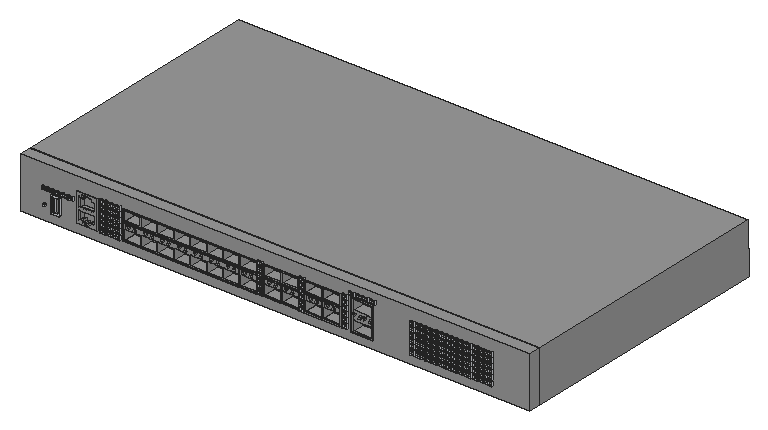
Revit family "19 Zoll Switch MS400995M", category Datengeräte, Revit 2023 (continued)
Forms (mm)
  Extrusion 149, solid
    sketch origin (121.644, 273.077, -255.382) x (1, 0, 0) y (0, 0, 1)
      loop
        line (65.933, 266.376) -> (65.933, 263.535) -> (68.946, 263.535) -> (68.946, 266.376) -> (65.933, 266.376)
    from 150.84 to 151.64
  Extrusion 150, solid
    sketch origin (125.618, 273.077, -255.382) x (1, 0, 0) y (0, 0, 1)
      loop
        line (65.586, 266.76) -> (65.586, 263.134) -> (69.459, 263.134) -> (69.459, 266.76) -> (65.586, 266.76)
      loop
        line (65.933, 266.376) -> (65.933, 263.535) -> (68.946, 263.535) -> (68.946, 266.376) -> (65.933, 266.376)
    from 150.84 to 151.64
  Extrusion 151, solid
    sketch origin (-209.128, 273.077, -232.671) x (1, 0, 0) y (0, 0, 1)
      loop
        line (65.586, 266.76) -> (65.586, 263.134) -> (69.459, 263.134) -> (69.459, 266.76) -> (65.586, 266.76)
      loop
        line (65.933, 266.376) -> (65.933, 263.535) -> (68.946, 263.535) -> (68.946, 266.376) -> (65.933, 266.376)
    from 150.84 to 151.64
  Extrusion 152, solid
    sketch origin (-204.128, 273.077, -232.671) x (1, 0, 0) y (0, 0, 1)
      loop
        line (65.586, 266.76) -> (65.586, 263.134) -> (69.459, 263.134) -> (69.459, 266.76) -> (65.586, 266.76)
      loop
        line (65.933, 266.376) -> (65.933, 263.535) -> (68.946, 263.535) -> (68.946, 266.376) -> (65.933, 266.376)
    from 150.84 to 151.64
  Extrusion 153, solid
    sketch origin (-199.907, 273.077, -232.671) x (1, 0, 0) y (0, 0, 1)
      loop
        line (65.586, 266.76) -> (65.586, 263.134) -> (69.459, 263.134) -> (69.459, 266.76) -> (65.586, 266.76)
      loop
        line (65.933, 266.376) -> (65.933, 263.535) -> (68.946, 263.535) -> (68.946, 266.376) -> (65.933, 266.376)
    from 150.84 to 151.64
  Extrusion 154, solid
    sketch origin (-195.932, 273.077, -232.671) x (1, 0, 0) y (0, 0, 1)
      loop
        line (65.586, 266.76) -> (65.586, 263.134) -> (69.459, 263.134) -> (69.459, 266.76) -> (65.586, 266.76)
      loop
        line (65.933, 266.376) -> (65.933, 263.535) -> (68.946, 263.535) -> (68.946, 266.376) -> (65.933, 266.376)
    from 150.84 to 151.64
  Extrusion 155, solid
    sketch origin (-209.128, 273.077, -236.967) x (1, 0, 0) y (0, 0, 1)
      loop
        line (65.586, 266.76) -> (65.586, 263.134) -> (69.459, 263.134) -> (69.459, 266.76) -> (65.586, 266.76)
      loop
        line (65.933, 266.376) -> (65.933, 263.535) -> (68.946, 263.535) -> (68.946, 266.376) -> (65.933, 266.376)
    from 150.84 to 151.64
  Extrusion 156, solid
    sketch origin (-204.128, 273.077, -236.967) x (1, 0, 0) y (0, 0, 1)
      loop
        line (65.586, 266.76) -> (65.586, 263.134) -> (69.459, 263.134) -> (69.459, 266.76) -> (65.586, 266.76)
      loop
        line (65.933, 266.376) -> (65.933, 263.535) -> (68.946, 263.535) -> (68.946, 266.376) -> (65.933, 266.376)
    from 150.84 to 151.64
  Extrusion 157, solid
    sketch origin (-199.907, 273.077, -236.967) x (1, 0, 0) y (0, 0, 1)
      loop
        line (65.586, 266.76) -> (65.586, 263.134) -> (69.459, 263.134) -> (69.459, 266.76) -> (65.586, 266.76)
      loop
        line (65.933, 266.376) -> (65.933, 263.535) -> (68.946, 263.535) -> (68.946, 266.376) -> (65.933, 266.376)
    from 150.84 to 151.64
  Extrusion 158, solid
    sketch origin (-195.932, 273.077, -236.967) x (1, 0, 0) y (0, 0, 1)
      loop
        line (65.586, 266.76) -> (65.586, 263.134) -> (69.459, 263.134) -> (69.459, 266.76) -> (65.586, 266.76)
      loop
        line (65.933, 266.376) -> (65.933, 263.535) -> (68.946, 263.535) -> (68.946, 266.376) -> (65.933, 266.376)
    from 150.84 to 151.64
  Extrusion 159, solid
    sketch origin (-209.128, 273.077, -241.967) x (1, 0, 0) y (0, 0, 1)
      loop
        line (65.586, 266.76) -> (65.586, 263.134) -> (69.459, 263.134) -> (69.459, 266.76) -> (65.586, 266.76)
      loop
        line (65.933, 266.376) -> (65.933, 263.535) -> (68.946, 263.535) -> (68.946, 266.376) -> (65.933, 266.376)
    from 150.84 to 151.64
  Extrusion 160, solid
    sketch origin (-204.128, 273.077, -241.967) x (1, 0, 0) y (0, 0, 1)
      loop
        line (65.586, 266.76) -> (65.586, 263.134) -> (69.459, 263.134) -> (69.459, 266.76) -> (65.586, 266.76)
      loop
        line (65.933, 266.376) -> (65.933, 263.535) -> (68.946, 263.535) -> (68.946, 266.376) -> (65.933, 266.376)
    from 150.84 to 151.64
  Extrusion 161, solid
    sketch origin (-199.907, 273.077, -241.967) x (1, 0, 0) y (0, 0, 1)
      loop
        line (65.586, 266.76) -> (65.586, 263.134) -> (69.459, 263.134) -> (69.459, 266.76) -> (65.586, 266.76)
      loop
        line (65.933, 266.376) -> (65.933, 263.535) -> (68.946, 263.535) -> (68.946, 266.376) -> (65.933, 266.376)
    from 150.84 to 151.64
  Extrusion 162, solid
    sketch origin (-195.932, 273.077, -241.967) x (1, 0, 0) y (0, 0, 1)
      loop
        line (65.586, 266.76) -> (65.586, 263.134) -> (69.459, 263.134) -> (69.459, 266.76) -> (65.586, 266.76)
      loop
        line (65.933, 266.376) -> (65.933, 263.535) -> (68.946, 263.535) -> (68.946, 266.376) -> (65.933, 266.376)
    from 150.84 to 151.64
  Extrusion 163, solid
    sketch origin (-209.128, 273.077, -246.109) x (1, 0, 0) y (0, 0, 1)
      loop
        line (65.586, 266.76) -> (65.586, 263.134) -> (69.459, 263.134) -> (69.459, 266.76) -> (65.586, 266.76)
      loop
        line (65.933, 266.376) -> (65.933, 263.535) -> (68.946, 263.535) -> (68.946, 266.376) -> (65.933, 266.376)
    from 150.84 to 151.64
  Extrusion 164, solid
    sketch origin (-204.128, 273.077, -246.109) x (1, 0, 0) y (0, 0, 1)
      loop
        line (65.586, 266.76) -> (65.586, 263.134) -> (69.459, 263.134) -> (69.459, 266.76) -> (65.586, 266.76)
      loop
        line (65.933, 266.376) -> (65.933, 263.535) -> (68.946, 263.535) -> (68.946, 266.376) -> (65.933, 266.376)
    from 150.84 to 151.64
  Extrusion 165, solid
    sketch origin (-199.907, 273.077, -246.109) x (1, 0, 0) y (0, 0, 1)
      loop
        line (65.586, 266.76) -> (65.586, 263.134) -> (69.459, 263.134) -> (69.459, 266.76) -> (65.586, 266.76)
      loop
        line (65.933, 266.376) -> (65.933, 263.535) -> (68.946, 263.535) -> (68.946, 266.376) -> (65.933, 266.376)
    from 150.84 to 151.64
  Extrusion 166, solid
    sketch origin (-195.932, 273.077, -246.109) x (1, 0, 0) y (0, 0, 1)
      loop
        line (65.586, 266.76) -> (65.586, 263.134) -> (69.459, 263.134) -> (69.459, 266.76) -> (65.586, 266.76)
      loop
        line (65.933, 266.376) -> (65.933, 263.535) -> (68.946, 263.535) -> (68.946, 266.376) -> (65.933, 266.376)
    from 150.84 to 151.64
  Extrusion 167, solid
    sketch origin (-209.128, 273.077, -250.382) x (1, 0, 0) y (0, 0, 1)
      loop
        line (65.586, 266.76) -> (65.586, 263.134) -> (69.459, 263.134) -> (69.459, 266.76) -> (65.586, 266.76)
      loop
        line (65.933, 266.376) -> (65.933, 263.535) -> (68.946, 263.535) -> (68.946, 266.376) -> (65.933, 266.376)
    from 150.84 to 151.64
  Extrusion 168, solid
    sketch origin (-204.128, 273.077, -250.382) x (1, 0, 0) y (0, 0, 1)
      loop
        line (65.586, 266.76) -> (65.586, 263.134) -> (69.459, 263.134) -> (69.459, 266.76) -> (65.586, 266.76)
      loop
        line (65.933, 266.376) -> (65.933, 263.535) -> (68.946, 263.535) -> (68.946, 266.376) -> (65.933, 266.376)
    from 150.84 to 151.64
  Extrusion 169, solid
    sketch origin (-199.907, 273.077, -250.382) x (1, 0, 0) y (0, 0, 1)
      loop
        line (65.586, 266.76) -> (65.586, 263.134) -> (69.459, 263.134) -> (69.459, 266.76) -> (65.586, 266.76)
      loop
        line (65.933, 266.376) -> (65.933, 263.535) -> (68.946, 263.535) -> (68.946, 266.376) -> (65.933, 266.376)
    from 150.84 to 151.64
  Extrusion 170, solid
    sketch origin (-195.932, 273.077, -250.382) x (1, 0, 0) y (0, 0, 1)
      loop
        line (65.586, 266.76) -> (65.586, 263.134) -> (69.459, 263.134) -> (69.459, 266.76) -> (65.586, 266.76)
      loop
        line (65.933, 266.376) -> (65.933, 263.535) -> (68.946, 263.535) -> (68.946, 266.376) -> (65.933, 266.376)
    from 150.84 to 151.64
  Extrusion 171, solid
    sketch origin (-209.128, 273.077, -255.382) x (1, 0, 0) y (0, 0, 1)
      loop
        line (65.586, 266.76) -> (65.586, 263.134) -> (69.459, 263.134) -> (69.459, 266.76) -> (65.586, 266.76)
      loop
        line (65.933, 266.376) -> (65.933, 263.535) -> (68.946, 263.535) -> (68.946, 266.376) -> (65.933, 266.376)
    from 150.84 to 151.64
  Extrusion 172, solid
    sketch origin (-204.128, 273.077, -255.382) x (1, 0, 0) y (0, 0, 1)
      loop
        line (65.586, 266.76) -> (65.586, 263.134) -> (69.459, 263.134) -> (69.459, 266.76) -> (65.586, 266.76)
      loop
        line (65.933, 266.376) -> (65.933, 263.535) -> (68.946, 263.535) -> (68.946, 266.376) -> (65.933, 266.376)
    from 150.84 to 151.64
  Extrusion 173, solid
    sketch origin (-199.907, 273.077, -255.382) x (1, 0, 0) y (0, 0, 1)
      loop
        line (65.586, 266.76) -> (65.586, 263.134) -> (69.459, 263.134) -> (69.459, 266.76) -> (65.586, 266.76)
      loop
        line (65.933, 266.376) -> (65.933, 263.535) -> (68.946, 263.535) -> (68.946, 266.376) -> (65.933, 266.376)
    from 150.84 to 151.64
  Extrusion 174, solid
    sketch origin (-195.932, 273.077, -255.382) x (1, 0, 0) y (0, 0, 1)
      loop
        line (65.586, 266.76) -> (65.586, 263.134) -> (69.459, 263.134) -> (69.459, 266.76) -> (65.586, 266.76)
      loop
        line (65.933, 266.376) -> (65.933, 263.535) -> (68.946, 263.535) -> (68.946, 266.376) -> (65.933, 266.376)
    from 150.84 to 151.64
  Extrusion 175, solid
    sketch origin (-37.181, 273.077, -232.366) x (1, 0, 0) y (0, 0, 1)
      loop
        line (65.586, 266.76) -> (65.586, 263.134) -> (69.459, 263.134) -> (69.459, 266.76) -> (65.586, 266.76)
      loop
        line (65.933, 266.376) -> (65.933, 263.535) -> (68.946, 263.535) -> (68.946, 266.376) -> (65.933, 266.376)
    from 150.84 to 151.64
  Extrusion 176, solid
    sketch origin (-37.181, 273.077, -236.758) x (1, 0, 0) y (0, 0, 1)
      loop
        line (65.586, 266.76) -> (65.586, 263.134) -> (69.459, 263.134) -> (69.459, 266.76) -> (65.586, 266.76)
      loop
        line (65.933, 266.376) -> (65.933, 263.535) -> (68.946, 263.535) -> (68.946, 266.376) -> (65.933, 266.376)
    from 150.84 to 151.64
  Extrusion 177, solid
    sketch origin (-37.181, 273.077, -241.201) x (1, 0, 0) y (0, 0, 1)
      loop
        line (65.586, 266.76) -> (65.586, 263.134) -> (69.459, 263.134) -> (69.459, 266.76) -> (65.586, 266.76)
      loop
        line (65.933, 266.376) -> (65.933, 263.535) -> (68.946, 263.535) -> (68.946, 266.376) -> (65.933, 266.376)
    from 150.84 to 151.64
  Extrusion 178, solid
    sketch origin (-37.181, 273.077, -245.578) x (1, 0, 0) y (0, 0, 1)
      loop
        line (65.586, 266.76) -> (65.586, 263.134) -> (69.459, 263.134) -> (69.459, 266.76) -> (65.586, 266.76)
      loop
        line (65.933, 266.376) -> (65.933, 263.535) -> (68.946, 263.535) -> (68.946, 266.376) -> (65.933, 266.376)
    from 150.84 to 151.64
  Extrusion 179, solid
    sketch origin (-37.181, 273.077, -250.086) x (1, 0, 0) y (0, 0, 1)
      loop
        line (65.586, 266.76) -> (65.586, 263.134) -> (69.459, 263.134) -> (69.459, 266.76) -> (65.586, 266.76)
      loop
        line (65.933, 266.376) -> (65.933, 263.535) -> (68.946, 263.535) -> (68.946, 266.376) -> (65.933, 266.376)
    from 150.84 to 151.64
  Extrusion 180, solid
    sketch origin (-37.181, 273.077, -255.086) x (1, 0, 0) y (0, 0, 1)
      loop
        line (65.586, 266.76) -> (65.586, 263.134) -> (69.459, 263.134) -> (69.459, 266.76) -> (65.586, 266.76)
      loop
        line (65.933, 266.376) -> (65.933, 263.535) -> (68.946, 263.535) -> (68.946, 266.376) -> (65.933, 266.376)
    from 150.84 to 151.64
  Extrusion 181, solid
    sketch origin (-73.162, 273.077, -232.366) x (1, 0, 0) y (0, 0, 1)
      loop
        line (65.586, 266.76) -> (65.586, 263.134) -> (69.459, 263.134) -> (69.459, 266.76) -> (65.586, 266.76)
      loop
        line (65.933, 266.376) -> (65.933, 263.535) -> (68.946, 263.535) -> (68.946, 266.376) -> (65.933, 266.376)
    from 150.84 to 151.64
  Extrusion 182, solid
    sketch origin (-73.162, 273.077, -236.758) x (1, 0, 0) y (0, 0, 1)
      loop
        line (65.586, 266.76) -> (65.586, 263.134) -> (69.459, 263.134) -> (69.459, 266.76) -> (65.586, 266.76)
      loop
        line (65.933, 266.376) -> (65.933, 263.535) -> (68.946, 263.535) -> (68.946, 266.376) -> (65.933, 266.376)
    from 150.84 to 151.64
  Extrusion 183, solid
    sketch origin (-73.162, 273.077, -241.201) x (1, 0, 0) y (0, 0, 1)
      loop
        line (65.586, 266.76) -> (65.586, 263.134) -> (69.459, 263.134) -> (69.459, 266.76) -> (65.586, 266.76)
      loop
        line (65.933, 266.376) -> (65.933, 263.535) -> (68.946, 263.535) -> (68.946, 266.376) -> (65.933, 266.376)
    from 150.84 to 151.64
  Extrusion 184, solid
    sketch origin (-73.162, 273.077, -245.578) x (1, 0, 0) y (0, 0, 1)
      loop
        line (65.586, 266.76) -> (65.586, 263.134) -> (69.459, 263.134) -> (69.459, 266.76) -> (65.586, 266.76)
      loop
        line (65.933, 266.376) -> (65.933, 263.535) -> (68.946, 263.535) -> (68.946, 266.376) -> (65.933, 266.376)
    from 150.84 to 151.64
  Extrusion 185, solid
    sketch origin (-73.162, 273.077, -250.086) x (1, 0, 0) y (0, 0, 1)
      loop
        line (65.586, 266.76) -> (65.586, 263.134) -> (69.459, 263.134) -> (69.459, 266.76) -> (65.586, 266.76)
      loop
        line (65.933, 266.376) -> (65.933, 263.535) -> (68.946, 263.535) -> (68.946, 266.376) -> (65.933, 266.376)
    from 150.84 to 151.64
  Extrusion 186, solid
    sketch origin (-73.162, 273.077, -255.086) x (1, 0, 0) y (0, 0, 1)
      loop
        line (65.586, 266.76) -> (65.586, 263.134) -> (69.459, 263.134) -> (69.459, 266.76) -> (65.586, 266.76)
      loop
        line (65.933, 266.376) -> (65.933, 263.535) -> (68.946, 263.535) -> (68.946, 266.376) -> (65.933, 266.376)
    from 150.84 to 151.64
  Extrusion 187, solid
    sketch origin (6.066, 273.077, -228.119) x (1, 0, 0) y (0, 0, 1)
      loop
        line (65.134, 266.306) -> (65.134, 263.552) -> (69.837, 263.552) -> (69.837, 266.306) -> (65.134, 266.306)
      loop
        line (65.402, 266.123) -> (65.402, 263.778) -> (69.526, 263.778) -> (69.526, 266.123) -> (65.402, 266.123)
    from 150.84 to 151.64
  Extrusion 188, solid
    sketch origin (12.617, 273.077, -228.119) x (1, 0, 0) y (0, 0, 1)
      loop
        line (65.134, 266.306) -> (65.134, 263.552) -> (69.837, 263.552) -> (69.837, 266.306) -> (65.134, 266.306)
      loop
        line (65.402, 266.123) -> (65.402, 263.778) -> (69.526, 263.778) -> (69.526, 266.123) -> (65.402, 266.123)
    from 150.84 to 151.64
  Extrusion 189, solid
    sketch origin (18.223, 273.077, -228.119) x (1, 0, 0) y (0, 0, 1)
      loop
        line (65.134, 266.306) -> (65.134, 263.552) -> (69.837, 263.552) -> (69.837, 266.306) -> (65.134, 266.306)
      loop
        line (65.402, 266.123) -> (65.402, 263.778) -> (69.526, 263.778) -> (69.526, 266.123) -> (65.402, 266.123)
    from 150.84 to 151.64
  Extrusion 190, solid
    sketch origin (24.237, 273.077, -228.119) x (1, 0, 0) y (0, 0, 1)
      loop
        line (65.134, 266.306) -> (65.134, 263.552) -> (69.837, 263.552) -> (69.837, 266.306) -> (65.134, 266.306)
      loop
        line (65.402, 266.123) -> (65.402, 263.778) -> (69.526, 263.778) -> (69.526, 266.123) -> (65.402, 266.123)
    from 150.84 to 151.64
  Extrusion 191, solid
    sketch origin (-258.919, 273.077, -239.442) x (1, 0, 0) y (0, 0, 1)
      loop
        line (65.134, 266.306) -> (65.134, 263.552) -> (69.454, 263.552) -> (69.454, 266.306) -> (65.134, 266.306)
      loop
        line (65.402, 266.123) -> (65.402, 263.778) -> (69.186, 263.778) -> (69.186, 266.123) -> (65.402, 266.123)
    from 150.84 to 151.64
  Extrusion 192, solid
    sketch origin (-254.471, 273.077, -239.442) x (1, 0, 0) y (0, 0, 1)
      loop
        line (65.134, 266.306) -> (65.134, 263.552) -> (69.454, 263.552) -> (69.454, 266.306) -> (65.134, 266.306)
      loop
        line (65.402, 266.123) -> (65.402, 263.778) -> (69.186, 263.778) -> (69.186, 266.123) -> (65.402, 266.123)
    from 150.84 to 151.64
  Extrusion 193, solid
    sketch origin (-250.037, 273.077, -239.442) x (1, 0, 0) y (0, 0, 1)
      loop
        line (65.134, 266.306) -> (65.134, 263.552) -> (69.454, 263.552) -> (69.454, 266.306) -> (65.134, 266.306)
      loop
        line (65.402, 266.123) -> (65.402, 263.778) -> (69.186, 263.778) -> (69.186, 266.123) -> (65.402, 266.123)
    from 150.84 to 151.64
  Extrusion 194, solid
    sketch origin (-245.511, 273.077, -239.442) x (1, 0, 0) y (0, 0, 1)
      loop
        line (65.134, 266.306) -> (65.134, 263.552) -> (69.454, 263.552) -> (69.454, 266.306) -> (65.134, 266.306)
      loop
        line (65.402, 266.123) -> (65.402, 263.778) -> (69.186, 263.778) -> (69.186, 266.123) -> (65.402, 266.123)
    from 150.84 to 151.64
  Extrusion 195, solid
    sketch origin (-240.921, 273.077, -239.442) x (1, 0, 0) y (0, 0, 1)
      loop
        line (65.134, 266.306) -> (65.134, 263.552) -> (69.454, 263.552) -> (69.454, 266.306) -> (65.134, 266.306)
      loop
        line (65.402, 266.123) -> (65.402, 263.778) -> (69.186, 263.778) -> (69.186, 266.123) -> (65.402, 266.123)
    from 150.84 to 151.64
  Extrusion 196, solid
    sketch origin (-236.303, 273.077, -239.442) x (1, 0, 0) y (0, 0, 1)
      loop
        line (65.134, 266.306) -> (65.134, 263.552) -> (69.454, 263.552) -> (69.454, 266.306) -> (65.134, 266.306)
      loop
        line (65.402, 266.123) -> (65.402, 263.778) -> (69.186, 263.778) -> (69.186, 266.123) -> (65.402, 266.123)
    from 150.84 to 151.64
Cuts and joins
  Extrusion 5, Extrusion 9, Extrusion 11, Extrusion 13, Extrusion 15, Extrusion 16, Extrusion 17, Extrusion 19, Extrusion 21, Extrusion 23, Extrusion 25, Extrusion 27, Extrusion 29, Extrusion 31, Extrusion 33, Extrusion 34, Extrusion 35, Extrusion 36, Extrusion 37, Extrusion 38, Extrusion 39, Extrusion 40, Extrusion 41, Extrusion 42, Extrusion 43, Extrusion 44, Extrusion 45, Extrusion 47, Extrusion 48 cuts Extrusion 1
  Extrusion 9, Extrusion 11, Extrusion 13, Extrusion 15, Extrusion 19, Extrusion 21, Extrusion 23, Extrusion 25, Extrusion 27, Extrusion 29, Extrusion 31, Extrusion 33, Extrusion 34, Extrusion 35, Extrusion 36, Extrusion 37, Extrusion 38, Extrusion 39, Extrusion 40, Extrusion 41, Extrusion 42, Extrusion 43, Extrusion 44, Extrusion 45, Extrusion 47, Extrusion 48 cuts Extrusion 6
Dimensions and locks
  aligned and locked: cut or joined group of Extrusion 1, Extrusion 5, Extrusion 9, Extrusion 11, Extrusion 13, Extrusion 15, Extrusion 16, Extrusion 17, Extrusion 19, Extrusion 21, Extrusion 23, Extrusion 25, Extrusion 27, Extrusion 29, Extrusion 31, Extrusion 33, Extrusion 34, Extrusion 35, Extrusion 36, Extrusion 37, Extrusion 38, Extrusion 39, Extrusion 40, Extrusion 41, Extrusion 42, Extrusion 43, Extrusion 44, Extrusion 45, Extrusion 47, Extrusion 48 to Extrusion 6 sketch curve
  aligned and locked: Extrusion 49 to Extrusion 2
